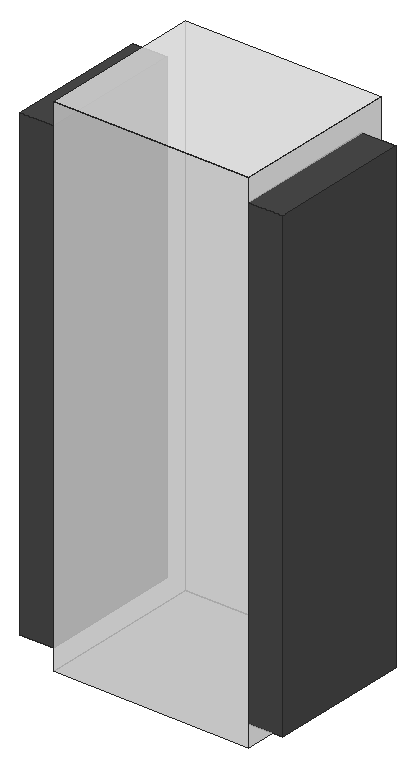
Revit family "3-743 Helio Wall Lantern", category Lighting Fixtures, host Wall, Revit 2018
Family settings
  Host = Wall
  Round Connector Dimension = Use Diameter
  Part Type = Normal
  OmniClass Number = 23.80.70.00
  OmniClass Title = Lighting
  Always vertical = Yes
  Cut with Voids When Loaded = No
  Light Source = Yes
  Shared = No
  Room Calculation Point = No
Parameters (values of type "3-743-15 / Black - White Frost Glass")
  Width = 4.75"
  Wattage Comments = "10.29 W at 120 V"  # constant formula
  Wattage = 10.29 W
  built-in parameter 1150110 = 1 (stored number, unit not read)
  Voltage Input = "120 V or 277 V - 50/60 Hz"  # constant formula
  Voltage = 120 V
  URL = "www.oxygenlighting.com"
  built-in parameter 1114217 = 1 (stored number, unit not read)
  Tilt Angle = 0.00°
  built-in parameter 1150109 = 1 (stored number, unit not read)
  built-in parameter 1150134 = (empty or 0)
  built-in parameter 1150113 = 1 (stored number, unit not read)
  References = "Ref. 3 = 120 V / Ref. 37 = 277 V"  # constant formula
  Photometric Web File = "3-743-15 Helio Outdoor.ies"
  Model = "3-743-xx Hellio Wall Lantern"  # constant formula
  Metal Finish = 15 - Black
  Manufacturer = "Oxygen - Lighting & Fans"  # constant formula
  Main Diffuser = White Frost Glass
  Lumens = 297.381 lm
  built-in parameter 1150115 = 1 (stored number, unit not read)
  built-in parameter 1150105 = 23.665 (stored number, unit not read)
  built-in parameter 1150137 = (empty or 0)
  built-in parameter 1150139 = (empty or 0)
  Length = 3.00"
  built-in parameter 1150112 = 1 (stored number, unit not read)
  built-in parameter 1150114 = 1 (stored number, unit not read)
  Lamp = "LED Array"  # constant formula
  built-in parameter 1150132 = (empty or 0)
  built-in parameter 1150102 = (empty or 0)
  built-in parameter 1150138 = (empty or 0)
  built-in parameter 1150107 = 3000 (stored number, unit not read)
  built-in parameter 1150106 = 0.23665 (stored number, unit not read)
  Height = 9.25"
  built-in parameter 1150104 = 2.6849 (stored number, unit not read)
  Dimming Lamp Color Temperature Shift = <None>
  Color Filter = 16777215
  built-in parameter 1114218 = 1 (stored number, unit not read)
  built-in parameter 1150133 = 10 (stored number, unit not read)
Reference planes (in)
  plane 1: y = 0
  plane 2 "Light Source Axis (F/B)": y = 4.5
  plane 3 "Light Source Axis (L/R)": x = -1.43133
  plane 4 "Light Source Elevation": z = 54
  plane 5 "Wall Face": y = 3
  plane 6: z = 58.625
  plane 7: z = 49.375
  plane 8: x = 0.94367
  plane 9: x = -3.80633
  plane 10: y = 6
Forms (in)
  Extrusion 1, solid, material "White Frost Glass" <- "Main Diffuser"
    sketch origin (0, 4.5, 0) x (1, 0, 0) y (0, 0, 1)
      loop
        line (0.34033, 58.625) -> (-3.20298, 58.625) -> (-3.20298, 49.375) -> (0.34033, 49.375) -> (0.34033, 58.625)
    from -1.5 to 1.5
  Extrusion 2, solid, material "15 - Black" <- "Metal Finish"
    sketch origin (0, 4.5, 0) x (1, 0, 0) y (0, 0, 1)
      loop
        line (0.94367, 58.23228) -> (0.34033, 58.23228) -> (0.34033, 49.76772) -> (0.94367, 49.76772) -> (0.94367, 58.23228)
    from -1.05906 to 1.5
  Extrusion 3, solid, material "15 - Black" <- "Metal Finish"
    sketch origin (-2.86265, 4.5, 0) x (-1, 0, 0) y (0, 0, -1)
      loop
        line (0.94367, -58.23228) -> (0.94367, -49.76772) -> (0.34033, -49.76772) -> (0.34033, -58.23228) -> (0.94367, -58.23228)
    from -1.05906 to 1.5
Text (in)
  text "Placement Side" at (0, 40.15149, 123.01588), in view "Right"
  text "Placement Side" at (-70.3804, 56.61594, 0), in view "Ref. Level"
  text "Placement Side" at (0, 47.49176, 140.59947), in view "Left"
Dimensions and locks (in)
  equal spacing: plane 9, plane 3 "Light Source Axis (L/R)", plane 8
  "Width": plane 9 to plane 8
  equal spacing: plane 7, plane 4 "Light Source Elevation", plane 6
  "Height": plane 7 to plane 6
  locked: plane 9 to Extrusion 1 at 0.60335
  locked: Extrusion 1 to plane 8 at 0.60335
  locked: Extrusion 2 to plane 6 at 0.39272
  locked: plane 7 to Extrusion 2 at 0.39272
  locked: Extrusion 3 to plane 6 at 0.39272
  locked: plane 7 to Extrusion 3 at 0.39272
  equal spacing: plane 5 "Wall Face", plane 2 "Light Source Axis (F/B)", plane 10
  "Length": plane 5 "Wall Face" to plane 10
  locked: plane 10 to Extrusion 3 at 0.44094
  locked: plane 10 to Extrusion 2 at 0.44094
  aligned and locked: plane 3 "Light Source Axis (L/R)" to imposter light
  aligned and locked: plane 5 "Wall Face" to host wall
  aligned and locked: plane 6 to Extrusion 1 sketch curve
  aligned and locked: Extrusion 1 sketch curve to plane 7
  aligned and locked: Extrusion 2 to plane 8
  aligned and locked: Extrusion 2 to Extrusion 1
  aligned and locked: Extrusion 3 to Extrusion 1
  aligned and locked: plane 9 to Extrusion 3
  aligned and locked: plane 10 to Extrusion 1
  aligned and locked: plane 5 "Wall Face" to Extrusion 1
  aligned and locked: plane 5 "Wall Face" to Extrusion 2
  aligned and locked: plane 5 "Wall Face" to Extrusion 3
Automatic sketch dimensions
  Extrusion 1 sketch curve to plane 9 = 0.60335"
  plane 8 to Extrusion 1 sketch curve = 0.60335"
  plane 8 to Extrusion 2 sketch curve = 0.00"
  Extrusion 2 sketch curve to Extrusion 2 sketch curve = 0.60335"
  Extrusion 2 sketch curve to plane 7 = 0.39272"
  plane 6 to Extrusion 2 sketch curve = 0.39272"
  plane 9 to Extrusion 3 sketch curve = 0.00"
  Extrusion 3 sketch curve to Extrusion 3 sketch curve = 0.60335"
  plane 7 to Extrusion 3 sketch curve = 0.39272"
  Extrusion 3 sketch curve to plane 6 = 0.39272"
Connectors (in)
  electrical at (-1.43133, 3, 54), driven by "Voltage"
    settings: on Extrusion 1, index 1, voltage 120 V, apparent load 0 VA, apparent load phase1 0 VA, apparent load phase2 0 VA, apparent load phase3 0 VA, power factor 1, load classification "Other", number of poles 1, system type 31, power factor state 1, is connector primary yes, connector utility no, sub classification motor no, connector description ""
